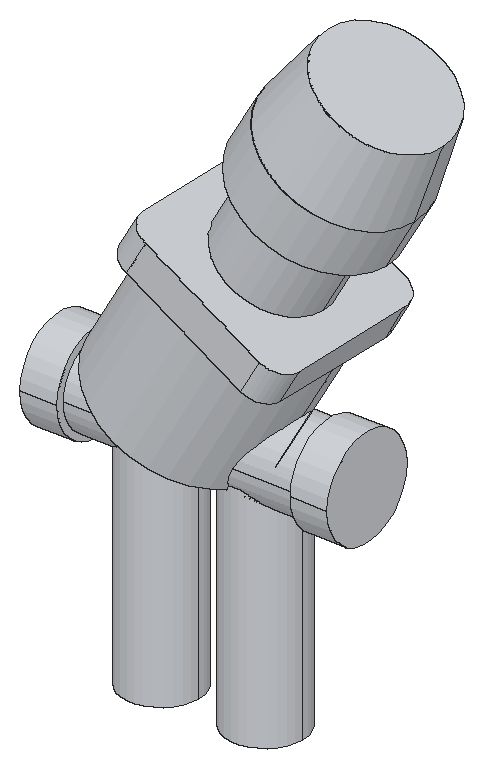
Revit family "OPTIMA_Compact_Plus_MM_DN10_2,5_RFA_2019", category Pipe Accessories, Revit 2019
Family settings
  Round Connector Dimension = Use Diameter
  Part Type = Valve - Breaks Into
  Work Plane-Based = No
  Always vertical = Yes
  Cut with Voids When Loaded = No
  Shared = No
Parameters (values of type "OPTIMA Compact Plus DN10 M-M 2.5mm")
  magiProductId = "273b30465bdd4e038d4ed21de5046f"
  magiProductFamilyId = "3f7bf62c6d3e4202b9bf465282540d"
  magiPartTypeId = 304
  isMeasuringValve [instance] = no
  ang2D [instance] = 0.00°
  Z = 0 mm
  X = 7 mm
  W2D = 32 mm
  VersionID = "2.0/2018.8.28.1/FRESE_OPTIMA-COMPACT-MM_001"
  Use Minimum Symbol Size [instance] = yes
  URL = "www.hydronix.cz"
  Type Comments = "vnější závit; PN25; 0~120°C, s měřením"
  R9 = 8 mm
  R8 = 14 mm
  R7 = 17 mm
  R6 = 12 mm
  R5 = 5 mm
  R4 = 19 mm
  R3 = 19 mm
  R2 = 9 mm
  R1 = 10.5 mm
  QmdConnectorList = "301;D;302;D"
  Productdata [instance] = ""
  PLG0 = yes
  Manufacturer = "Hydronix"
  MC Product Code = "53-1320  (1/2\" M-M; 2.5mm; Qmin-dpmin 30l/h-14.3kPa; Qmax-dpmin 200l/h-15.8kPa; dpmax 800kPa)"
  MC Piping Given Pressure Drop [instance] = 0.0 Pa
  LL = 32.5 mm
  L3 = 11 mm
  L2D_Min = 3048 mm
  L2D = 104 mm
  L2 = 49.4 mm
  L1__ve = -L1  # -7.8 mm
  L1 = 7.8 mm
  H6__ve = -H6  # -52.5 mm
  H6 = 52.5 mm
  H5 = 17 mm
  H4 = 12 mm
  H3 = 18 mm
  H2 = 8 mm
  H1 = 30 mm
  Description = "Tlakově nezávislý 2-cestný regulační vyvažovací ventil (PICV)"
  D = 10 mm
  A = 30.00°
Types (8, lengths in mm): name | magiProductId | Z | X | R4 | R3 | R2 | R1 | MC Product Code | LL | L3 | L2 | L1__ve | L1 | H6__ve | H6 | H5 | H3 | H2 | H1 | D
  OPTIMA Compact Plus DN32 M-M 5.5mm | "ffa5e363716249e69711c5a01860df" | 1 | 13 | 29 | 31.5 | 22 | 24 | "53-1333  (6/4\" M-M; 5.5mm; Qmin-dpmin 550l/h-17.9kPa; Qmax-dpmin 4001l/h-28.0kPa; dpmax 800kPa)" | 52 | 12.5 | 79.04 | -12.48 | 12.48 | -66 | 66 | 20 | 16 | 10 | 46 | 32
  OPTIMA Compact Plus DN15 M-M 2.5mm | "744f5c1a8b784a0caf7e95e8856504" | 0 | 7 | 19 | 19 | 12 | 13 | "53-1324  (3/4\" M-M; 2.5mm; Qmin-dpmin 100l/h-14.9kPa; Qmax-dpmin 575l/h-18.5kPa; dpmax 800kPa)" | 32.5 | 11 | 49.4 | -7.8 | 7.8 | -55 | 55 | 20 | 18 | 8 | 26 | 15
  OPTIMA Compact Plus DN15 M-M 5.0mm | "cc68fe6008154c3392e26a3dfeb2d1" | 0 | 7 | 19 | 19 | 12 | 13 | "53-1325  (3/4\" M-M; 5.0mm; Qmin-dpmin 220l/h-16.0kPa; Qmax-dpmin 1330l/h-21.6kPa; dpmax 800kPa)" | 32.5 | 11 | 49.4 | -7.8 | 7.8 | -55 | 55 | 20 | 18 | 8 | 26 | 15
  OPTIMA Compact Plus DN20 M-M 5.0mm | "af4b706c92c34122b2cf0a056ee45d" | 0 | 10 | 19 | 19 | 13.5 | 16.5 | "53-1328  (1\" M-M; 5.0mm; Qmin-dpmin 220l/h-16.0kPa; Qmax-dpmin 1330l/h-21.6kPa; dpmax 800kPa)" | 35 | 11 | 53.2 | -8.4 | 8.4 | -58.5 | 58.5 | 20 | 18 | 8 | 26 | 20
  OPTIMA Compact Plus DN20 M-M 5.5mm | "3e0f5dc7d8ae4d97894bd6f679fd3a" | 0 | 10 | 19 | 19 | 13.5 | 16.5 | "53-1331  (1\" M-M; 5.5mm; Qmin-dpmin 300l/h-17.8kPa; Qmax-dpmin 1800l/h-40.0kPa; dpmax 800kPa)" | 35 | 11 | 53.2 | -8.4 | 8.4 | -58.5 | 58.5 | 20 | 18 | 8 | 26 | 20
  OPTIMA Compact Plus DN25 M-M 5.5mm | "30c02b6104a34c7a9c49bd2b7417bc" | 0 | 13 | 29 | 31.5 | 18.5 | 21 | "53-1332  (5/4\" M-M; 5.5mm; Qmin-dpmin 600l/h-17.3kPa; Qmax-dpmin 3609l/h-23.0kPa; dpmax 800kPa)" | 52 | 12.5 | 79.04 | -12.48 | 12.48 | -63 | 63 | 20 | 16 | 10 | 43 | 25
  OPTIMA Compact Plus DN10 M-M 2.5mm | "273b30465bdd4e038d4ed21de5046f" | 0 | 7 | 19 | 19 | 9 | 10.5 | "53-1320  (1/2\" M-M; 2.5mm; Qmin-dpmin 30l/h-14.3kPa; Qmax-dpmin 200l/h-15.8kPa; dpmax 800kPa)" | 32.5 | 11 | 49.4 | -7.8 | 7.8 | -52.5 | 52.5 | 17 | 18 | 8 | 30 | 10
  OPTIMA Compact Plus DN10 M-M 5.0mm | "05e83065d4b14c0ea9b5a56fcd5d4f" | 0 | 7 | 19 | 19 | 9 | 10.5 | "53-1329  (1/2\" M-M; 5.0mm; Qmin-dpmin 65l/h-14.6kPa; Qmax-dpmin 370l/h-17.2kPa; dpmax 800kPa)" | 32.5 | 11 | 49.4 | -7.8 | 7.8 | -52.5 | 52.5 | 17 | 18 | 8 | 30 | 10
Reference planes
  plane 1 "Center (Front/Back)": y = 0
  plane 2 "XYPLANE": z = 0
  plane 3 "Center (Left/Right)": x = 0
  plane 4 "267": x = 11
  plane 5 "266": x = -11
  plane 6 "252": through (-607.019, 0, 448.612) normal (0.5, 0, 0.866)
  plane 7 "250": through (-615.519, 0, 433.89) normal (0.5, 0, 0.866)
  plane 8 "248": through (-621.519, 0, 423.497) normal (0.5, 0, 0.866)
  plane 9 "245": through (-630.519, 0, 407.909) normal (0.5, 0, 0.866)
  plane 10 "241": through (352.483, 0, 662.519) normal (0.866, 0, -0.5)
  plane 11 "240": through (385.392, 0, 643.519) normal (0.866, 0, -0.5)
  plane 12 "239": y = -19
  plane 13 "238": y = 19
  plane 14 "237": through (-634.519, 0, 400.981) normal (0.5, 0, 0.866)
  plane 15 "235": through (-649.519, 0, 375) normal (0.5, 0, 0.866)
  plane 16 "231": y = 0
  plane 17 "230": through (368.938, 0, 653.019) normal (0.866, 0, -0.5)
  plane 18 "211": x = -24.7
  plane 19 "204": x = 32.5
  plane 20 "203": x = -32.5
  plane 21 "202": x = 0
  plane 22 "201": z = 0
  plane 23 "200": y = 0
  plane 24 "227XY": through (-649.519, 0, 375) normal (0.5, 0, 0.866)
  plane 25 "227XZ": y = 0
  plane 26 "227YZ": through (375, 0, 649.519) normal (0.866, 0, -0.5)
Forms (mm)
  Extrusion 1, solid, visible <- "PLG0"
    sketch origin (-750, 0, 0) x (1, 0, 0) y (0, 1, 0)
      loop
        circle (761, 0) r 8
    from 0 to -52.5 <- "H6__ve"
  Extrusion 2, solid, visible <- "PLG0"
    sketch origin (-750, 0, 0) x (1, 0, 0) y (0, 1, 0)
      loop
        circle (739, 0) r 8
    from 0 to -52.5 <- "H6__ve"
  Blend 3, solid
    base sketch origin (-615.519, 0, 433.89) x (0.866025, 0, -0.5) y (0, 1, 0)
      loop
        circle (743, 0) r 17
    top sketch origin (-615.519, 0, 433.89) x (0.866025, 0, -0.5) y (0, 1, 0)
      loop
        circle (743, 0) r 14
    from 0 to 17
  Extrusion 4, solid
    sketch origin (-621.519, 0, 423.497) x (0.866025, 0, -0.5) y (0, 1, 0)
      loop
        circle (743, 0) r 17
    from 0 to 12 <- "H4"
  Extrusion 5, solid
    sketch origin (-630.519, 0, 407.909) x (0.866025, 0, -0.5) y (0, 1, 0)
      loop
        circle (743, 0) r 12
    from 0 to 18 <- "H3"
  Extrusion 6, solid
    sketch origin (-634.519, 0, 400.981) x (0.866025, 0, -0.5) y (0, 1, 0)
      loop
        arc (729, 19) -> (725.464, 17.536) -> (724, 14) r 5
        line (724, 14) -> (724, -14)
        arc (724, -14) -> (725.464, -17.536) -> (729, -19) r 5
        line (729, -19) -> (757, -19)
        arc (757, -19) -> (760.536, -17.536) -> (762, -14) r 5
        line (762, -14) -> (762, 14)
        arc (762, 14) -> (760.536, 17.536) -> (757, 19) r 5
        line (757, 19) -> (729, 19)
    from 0 to 8 <- "H2"
  Extrusion 7, solid
    sketch origin (-649.519, 0, 375) x (0.866025, 0, -0.5) y (0, 1, 0)
      loop
        circle (743, 0) r 19
    from 0 to 30 <- "H1"
  Extrusion 8, solid
    sketch origin (-24.7, -750, 0) x (0, 1, 0) y (0, 0, 1)
      loop
        circle (750, 0) r 9
    from 0 to 49.4 <- "L2"
  Extrusion 9, solid
    sketch origin (32.5, -750, 0) x (0, 1, 0) y (0, 0, 1)
      loop
        circle (750, 0) r 10.5
    from 0 to -7.8 <- "L1__ve"
  Extrusion 10, solid
    sketch origin (-32.5, -750, 0) x (0, 1, 0) y (0, 0, 1)
      loop
        circle (750, 0) r 10.5
    from 0 to 7.8 <- "L1"
  Extrusion 11, solid, not visible
    sketch origin (32.5, -750, 0) x (0, 1, 0) y (0, 0, 1)
      loop
        circle (750, 0) r 10
    from 0 to -10
  Extrusion 12, solid, not visible
    sketch origin (-32.5, -750, 0) x (0, 1, 0) y (0, 0, 1)
      loop
        circle (750, 0) r 10
    from 0 to 10
Lines and regions (mm)
  reference lines, not visible
    curve 1: circle (2, 2, 0) r 1 normal (0, 0, 1)
Text (mm)
  text "© Progman Oy, all rights reserved" at (-472.209, -2482.653, 0), in view "Ref. Level"
Dimensions and locks
  plane 1 "Center (Front/Back)" to curve 1 = 2 mm
  "L3": plane 3 "Center (Left/Right)" to plane 4 "267"
  "L3": plane 3 "Center (Left/Right)" to plane 5 "266"
  "H5": plane 7 "250" to plane 6 "252"
  "H4": plane 8 "248" to plane 7 "250"
  "H3": plane 9 "245" to plane 8 "248"
  "H2": plane 14 "237" to plane 9 "245"
  "R4": plane 17 "230" to plane 10 "241"
  "R4": plane 17 "230" to plane 11 "240"
  "R4": plane 23 "200" to plane 12 "239"
  "R4": plane 23 "200" to plane 13 "238"
  "H1": plane 15 "235" to plane 14 "237"
  "Z": plane 24 "227XY" to plane 15 "235"
  locked: plane 23 "200" to plane 16 "231"
  "X": plane 26 "227YZ" to plane 17 "230"
  "L1": plane 20 "203" to plane 18 "211"
  "LL": plane 3 "Center (Left/Right)" to plane 19 "204"
  "LL": plane 3 "Center (Left/Right)" to plane 20 "203"
  locked: plane 3 "Center (Left/Right)" to plane 21 "202"
  locked: plane 2 "XYPLANE" to plane 22 "201"
  locked: plane 1 "Center (Front/Back)" to plane 23 "200"
  Extrusion 6 sketch curve to Extrusion 6 sketch curve = 0 mm  (x16)
  "R9": radius of Extrusion 1 sketch curve
  "R9": radius of Extrusion 2 sketch curve
  "R8": radius of Blend 3 sketch curve
  "R7": radius of Blend 3 sketch curve
  "R7": radius of Extrusion 4 sketch curve
  "R6": radius of Extrusion 5 sketch curve
  "R5": radius of Extrusion 6 sketch curve  (x4)
  "R3": radius of Extrusion 7 sketch curve
  "R2": radius of Extrusion 8 sketch curve
  "R1": radius of Extrusion 9 sketch curve
  "R1": radius of Extrusion 10 sketch curve
  aligned and locked: level to plane 2 "XYPLANE"
  aligned and locked: plane 4 "267" to Extrusion 1 sketch curve
  aligned and locked: plane 23 "200" to Extrusion 1 sketch curve
  aligned and locked: plane 5 "266" to Extrusion 2 sketch curve
  aligned and locked: plane 23 "200" to Extrusion 2 sketch curve
  aligned and locked: plane 16 "231" to Blend 3 sketch curve  (x2)
  aligned and locked: Blend 3 sketch curve to plane 17 "230"  (x2)
  aligned and locked: plane 6 "252" to Blend 3
  aligned and locked: plane 16 "231" to Extrusion 4 sketch curve
  aligned and locked: Extrusion 4 sketch curve to plane 17 "230"
  aligned and locked: plane 16 "231" to Extrusion 5 sketch curve
  aligned and locked: Extrusion 5 sketch curve to plane 17 "230"
  aligned and locked: Extrusion 6 sketch curve to plane 10 "241"
  aligned and locked: Extrusion 6 sketch curve to plane 12 "239"
  aligned and locked: Extrusion 6 sketch curve to plane 11 "240"
  aligned and locked: plane 13 "238" to Extrusion 6 sketch curve
  aligned and locked: plane 16 "231" to Extrusion 7 sketch curve
  aligned and locked: Extrusion 7 sketch curve to plane 17 "230"
  aligned and locked: plane 22 "201" to Extrusion 8 sketch curve
  aligned and locked: Extrusion 8 sketch curve to plane 23 "200"
  aligned and locked: plane 22 "201" to Extrusion 9 sketch curve
  aligned and locked: Extrusion 9 sketch curve to plane 23 "200"
  aligned and locked: plane 22 "201" to Extrusion 10 sketch curve
  aligned and locked: Extrusion 10 sketch curve to plane 23 "200"
  aligned and locked: plane 22 "201" to Extrusion 11 sketch curve
  aligned and locked: Extrusion 11 sketch curve to plane 23 "200"
  aligned and locked: plane 22 "201" to Extrusion 12 sketch curve
  aligned and locked: Extrusion 12 sketch curve to plane 23 "200"
Automatic sketch dimensions
  plane 1 "Center (Front/Back)" to Extrusion 11 sketch curve = 10 mm
  plane 1 "Center (Front/Back)" to Extrusion 12 sketch curve = 10 mm
  plane 3 "Center (Left/Right)" to curve 1 = 2 mm
  radius of curve 1 = 1 mm
Connectors
  piping at (-32.5, 0, 0), diameter 10, driven by "D"
    settings: on Extrusion 12, index 1, connector inside diameter 609.6 mm, connector length 0 mm, flow factor 0, pipe flow 0.0 L/s, pressure drop 0.0 Pa, fitting loss kfactor 0, connector angle 0.00°, fixture units 0, engagement length 0 mm, angle of deflection 0.00°, flow configuration 0, flow direction 0, fitting loss method 0, system type 29, joint type 0, gender type 0, connector reference index 2, connector utility 0, adjustable connector no, is connector primary yes, connector description ""
  piping at (32.5, 0, 0), diameter 10, driven by "D"
    settings: on Extrusion 11, index 2, connector inside diameter 609.6 mm, connector length 0 mm, flow factor 0, pipe flow 0.0 L/s, pressure drop 0.0 Pa, fitting loss kfactor 0, connector angle 0.00°, fixture units 0, engagement length 0 mm, angle of deflection 0.00°, flow configuration 0, flow direction 0, fitting loss method 0, system type 29, joint type 0, gender type 0, connector reference index 1, connector utility 0, adjustable connector no, is connector primary no, connector description ""
